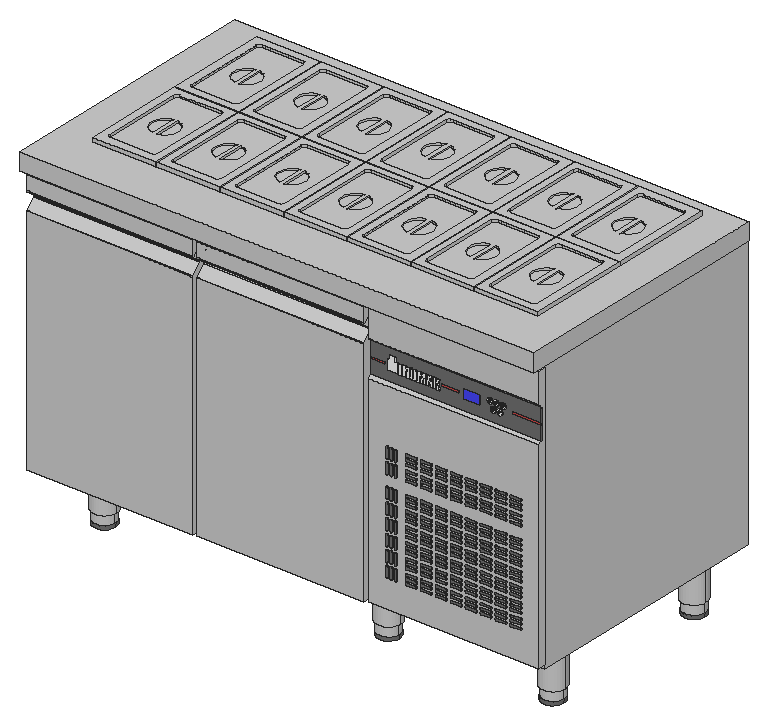
Revit family "QF_INOMAK_ZNFP99_250529112237", category Specialty Equipment, Revit 2021 (continued)
Definition of nested family "QF_INOMAK_REF_COUNTERS_1360_2920"
  Definition of nested family "QF_INOMAK_CONRTOL-PANEL"
    Forms (mm)
      Extrusion 1, solid
        sketch origin (-2240, -700, 0) x (-1, 0, 0) y (0, 0, 1)
          loop
            arc (-2191.4, 221.855) -> (-2194.4, 218.855) -> (-2191.4, 215.855) r 3
            line (-2191.4, 215.855) -> (-2167.4, 215.855)
            arc (-2167.4, 215.855) -> (-2164.4, 218.855) -> (-2167.4, 221.855) r 3
            line (-2167.4, 221.855) -> (-2191.4, 221.855)
          loop
            arc (-2152.4, 221.855) -> (-2155.4, 218.855) -> (-2152.4, 215.855) r 3
            line (-2152.4, 215.855) -> (-2128.4, 215.855)
            arc (-2128.4, 215.855) -> (-2125.4, 218.855) -> (-2128.4, 221.855) r 3
            line (-2128.4, 221.855) -> (-2152.4, 221.855)
          loop
            arc (-2113.4, 221.855) -> (-2116.4, 218.855) -> (-2113.4, 215.855) r 3
            line (-2113.4, 215.855) -> (-2089.4, 215.855)
            arc (-2089.4, 215.855) -> (-2086.4, 218.855) -> (-2089.4, 221.855) r 3
            line (-2089.4, 221.855) -> (-2113.4, 221.855)
          loop
            arc (-2074.4, 221.855) -> (-2077.4, 218.855) -> (-2074.4, 215.855) r 3
            line (-2074.4, 215.855) -> (-2050.4, 215.855)
            arc (-2050.4, 215.855) -> (-2047.4, 218.855) -> (-2050.4, 221.855) r 3
            line (-2050.4, 221.855) -> (-2074.4, 221.855)
          loop
            arc (-2035.4, 221.855) -> (-2038.4, 218.855) -> (-2035.4, 215.855) r 3
            line (-2035.4, 215.855) -> (-2011.4, 215.855)
            arc (-2011.4, 215.855) -> (-2008.4, 218.855) -> (-2011.4, 221.855) r 3
            line (-2011.4, 221.855) -> (-2035.4, 221.855)
          loop
            arc (-1996.4, 221.855) -> (-1999.4, 218.855) -> (-1996.4, 215.855) r 3
            line (-1996.4, 215.855) -> (-1972.4, 215.855)
            arc (-1972.4, 215.855) -> (-1969.4, 218.855) -> (-1972.4, 221.855) r 3
            line (-1972.4, 221.855) -> (-1996.4, 221.855)
          loop
            arc (-1957.4, 221.855) -> (-1960.4, 218.855) -> (-1957.4, 215.855) r 3
            line (-1957.4, 215.855) -> (-1933.4, 215.855)
            arc (-1933.4, 215.855) -> (-1930.4, 218.855) -> (-1933.4, 221.855) r 3
            line (-1933.4, 221.855) -> (-1957.4, 221.855)
          loop
            arc (-1918.4, 221.855) -> (-1921.4, 218.855) -> (-1918.4, 215.855) r 3
            line (-1918.4, 215.855) -> (-1894.4, 215.855)
            arc (-1894.4, 215.855) -> (-1891.4, 218.855) -> (-1894.4, 221.855) r 3
            line (-1894.4, 221.855) -> (-1918.4, 221.855)
          loop
            arc (-2191.4, 210.855) -> (-2194.4, 207.855) -> (-2191.4, 204.855) r 3
            line (-2191.4, 204.855) -> (-2167.4, 204.855)
            arc (-2167.4, 204.855) -> (-2164.4, 207.855) -> (-2167.4, 210.855) r 3
            line (-2167.4, 210.855) -> (-2191.4, 210.855)
          loop
            arc (-2152.4, 210.855) -> (-2155.4, 207.855) -> (-2152.4, 204.855) r 3
            line (-2152.4, 204.855) -> (-2128.4, 204.855)
            arc (-2128.4, 204.855) -> (-2125.4, 207.855) -> (-2128.4, 210.855) r 3
            line (-2128.4, 210.855) -> (-2152.4, 210.855)
          loop
            arc (-2113.4, 210.855) -> (-2116.4, 207.855) -> (-2113.4, 204.855) r 3
            line (-2113.4, 204.855) -> (-2089.4, 204.855)
            arc (-2089.4, 204.855) -> (-2086.4, 207.855) -> (-2089.4, 210.855) r 3
            line (-2089.4, 210.855) -> (-2113.4, 210.855)
          loop
            arc (-2074.4, 210.855) -> (-2077.4, 207.855) -> (-2074.4, 204.855) r 3
            line (-2074.4, 204.855) -> (-2050.4, 204.855)
            arc (-2050.4, 204.855) -> (-2047.4, 207.855) -> (-2050.4, 210.855) r 3
            line (-2050.4, 210.855) -> (-2074.4, 210.855)
          loop
            arc (-2035.4, 210.855) -> (-2038.4, 207.855) -> (-2035.4, 204.855) r 3
            line (-2035.4, 204.855) -> (-2011.4, 204.855)
            arc (-2011.4, 204.855) -> (-2008.4, 207.855) -> (-2011.4, 210.855) r 3
            line (-2011.4, 210.855) -> (-2035.4, 210.855)
          loop
            arc (-1996.4, 210.855) -> (-1999.4, 207.855) -> (-1996.4, 204.855) r 3
            line (-1996.4, 204.855) -> (-1972.4, 204.855)
            arc (-1972.4, 204.855) -> (-1969.4, 207.855) -> (-1972.4, 210.855) r 3
            line (-1972.4, 210.855) -> (-1996.4, 210.855)
          loop
            arc (-1957.4, 210.855) -> (-1960.4, 207.855) -> (-1957.4, 204.855) r 3
            line (-1957.4, 204.855) -> (-1933.4, 204.855)
            arc (-1933.4, 204.855) -> (-1930.4, 207.855) -> (-1933.4, 210.855) r 3
            line (-1933.4, 210.855) -> (-1957.4, 210.855)
          loop
            arc (-1918.4, 210.855) -> (-1921.4, 207.855) -> (-1918.4, 204.855) r 3
            line (-1918.4, 204.855) -> (-1894.4, 204.855)
            arc (-1894.4, 204.855) -> (-1891.4, 207.855) -> (-1894.4, 210.855) r 3
            line (-1894.4, 210.855) -> (-1918.4, 210.855)
          loop
            arc (-2191.4, 199.855) -> (-2194.4, 196.855) -> (-2191.4, 193.855) r 3
            line (-2191.4, 193.855) -> (-2167.4, 193.855)
            arc (-2167.4, 193.855) -> (-2164.4, 196.855) -> (-2167.4, 199.855) r 3
            line (-2167.4, 199.855) -> (-2191.4, 199.855)
          loop
            arc (-2152.4, 199.855) -> (-2155.4, 196.855) -> (-2152.4, 193.855) r 3
            line (-2152.4, 193.855) -> (-2128.4, 193.855)
            arc (-2128.4, 193.855) -> (-2125.4, 196.855) -> (-2128.4, 199.855) r 3
            line (-2128.4, 199.855) -> (-2152.4, 199.855)
          loop
            arc (-2113.4, 199.855) -> (-2116.4, 196.855) -> (-2113.4, 193.855) r 3
            line (-2113.4, 193.855) -> (-2089.4, 193.855)
            arc (-2089.4, 193.855) -> (-2086.4, 196.855) -> (-2089.4, 199.855) r 3
            line (-2089.4, 199.855) -> (-2113.4, 199.855)
          loop
            arc (-2074.4, 199.855) -> (-2077.4, 196.855) -> (-2074.4, 193.855) r 3
            line (-2074.4, 193.855) -> (-2050.4, 193.855)
            arc (-2050.4, 193.855) -> (-2047.4, 196.855) -> (-2050.4, 199.855) r 3
            line (-2050.4, 199.855) -> (-2074.4, 199.855)
          loop
            arc (-2035.4, 199.855) -> (-2038.4, 196.855) -> (-2035.4, 193.855) r 3
            line (-2035.4, 193.855) -> (-2011.4, 193.855)
            arc (-2011.4, 193.855) -> (-2008.4, 196.855) -> (-2011.4, 199.855) r 3
            line (-2011.4, 199.855) -> (-2035.4, 199.855)
          loop
            arc (-1996.4, 199.855) -> (-1999.4, 196.855) -> (-1996.4, 193.855) r 3
            line (-1996.4, 193.855) -> (-1972.4, 193.855)
            arc (-1972.4, 193.855) -> (-1969.4, 196.855) -> (-1972.4, 199.855) r 3
            line (-1972.4, 199.855) -> (-1996.4, 199.855)
          loop
            arc (-1957.4, 199.855) -> (-1960.4, 196.855) -> (-1957.4, 193.855) r 3
            line (-1957.4, 193.855) -> (-1933.4, 193.855)
            arc (-1933.4, 193.855) -> (-1930.4, 196.855) -> (-1933.4, 199.855) r 3
            line (-1933.4, 199.855) -> (-1957.4, 199.855)
          loop
            arc (-1918.4, 199.855) -> (-1921.4, 196.855) -> (-1918.4, 193.855) r 3
            line (-1918.4, 193.855) -> (-1894.4, 193.855)
            arc (-1894.4, 193.855) -> (-1891.4, 196.855) -> (-1894.4, 199.855) r 3
            line (-1894.4, 199.855) -> (-1918.4, 199.855)
          loop
            arc (-2191.4, 184.855) -> (-2194.4, 181.855) -> (-2191.4, 178.855) r 3
            line (-2191.4, 178.855) -> (-2167.4, 178.855)
            arc (-2167.4, 178.855) -> (-2164.4, 181.855) -> (-2167.4, 184.855) r 3
            line (-2167.4, 184.855) -> (-2191.4, 184.855)
          loop
            arc (-2152.4, 184.855) -> (-2155.4, 181.855) -> (-2152.4, 178.855) r 3
            line (-2152.4, 178.855) -> (-2128.4, 178.855)
            arc (-2128.4, 178.855) -> (-2125.4, 181.855) -> (-2128.4, 184.855) r 3
            line (-2128.4, 184.855) -> (-2152.4, 184.855)
          loop
            arc (-2113.4, 184.855) -> (-2116.4, 181.855) -> (-2113.4, 178.855) r 3
            line (-2113.4, 178.855) -> (-2089.4, 178.855)
            arc (-2089.4, 178.855) -> (-2086.4, 181.855) -> (-2089.4, 184.855) r 3
            line (-2089.4, 184.855) -> (-2113.4, 184.855)
          loop
            arc (-2074.4, 184.855) -> (-2077.4, 181.855) -> (-2074.4, 178.855) r 3
            line (-2074.4, 178.855) -> (-2050.4, 178.855)
            arc (-2050.4, 178.855) -> (-2047.4, 181.855) -> (-2050.4, 184.855) r 3
            line (-2050.4, 184.855) -> (-2074.4, 184.855)
          loop
            arc (-2035.4, 184.855) -> (-2038.4, 181.855) -> (-2035.4, 178.855) r 3
            line (-2035.4, 178.855) -> (-2011.4, 178.855)
            arc (-2011.4, 178.855) -> (-2008.4, 181.855) -> (-2011.4, 184.855) r 3
            line (-2011.4, 184.855) -> (-2035.4, 184.855)
          loop
            arc (-1996.4, 184.855) -> (-1999.4, 181.855) -> (-1996.4, 178.855) r 3
            line (-1996.4, 178.855) -> (-1972.4, 178.855)
            arc (-1972.4, 178.855) -> (-1969.4, 181.855) -> (-1972.4, 184.855) r 3
            line (-1972.4, 184.855) -> (-1996.4, 184.855)
          loop
            arc (-1957.4, 184.855) -> (-1960.4, 181.855) -> (-1957.4, 178.855) r 3
            line (-1957.4, 178.855) -> (-1933.4, 178.855)
            arc (-1933.4, 178.855) -> (-1930.4, 181.855) -> (-1933.4, 184.855) r 3
            line (-1933.4, 184.855) -> (-1957.4, 184.855)
          loop
            arc (-1918.4, 184.855) -> (-1921.4, 181.855) -> (-1918.4, 178.855) r 3
            line (-1918.4, 178.855) -> (-1894.4, 178.855)
            arc (-1894.4, 178.855) -> (-1891.4, 181.855) -> (-1894.4, 184.855) r 3
            line (-1894.4, 184.855) -> (-1918.4, 184.855)
          loop
            arc (-2191.4, 173.855) -> (-2194.4, 170.855) -> (-2191.4, 167.855) r 3
            line (-2191.4, 167.855) -> (-2167.4, 167.855)
            arc (-2167.4, 167.855) -> (-2164.4, 170.855) -> (-2167.4, 173.855) r 3
            line (-2167.4, 173.855) -> (-2191.4, 173.855)
          loop
            arc (-2152.4, 173.855) -> (-2155.4, 170.855) -> (-2152.4, 167.855) r 3
            line (-2152.4, 167.855) -> (-2128.4, 167.855)
            arc (-2128.4, 167.855) -> (-2125.4, 170.855) -> (-2128.4, 173.855) r 3
            line (-2128.4, 173.855) -> (-2152.4, 173.855)
          loop
            arc (-2113.4, 173.855) -> (-2116.4, 170.855) -> (-2113.4, 167.855) r 3
            line (-2113.4, 167.855) -> (-2089.4, 167.855)
            arc (-2089.4, 167.855) -> (-2086.4, 170.855) -> (-2089.4, 173.855) r 3
            line (-2089.4, 173.855) -> (-2113.4, 173.855)
          loop
            arc (-2074.4, 173.855) -> (-2077.4, 170.855) -> (-2074.4, 167.855) r 3
            line (-2074.4, 167.855) -> (-2050.4, 167.855)
            arc (-2050.4, 167.855) -> (-2047.4, 170.855) -> (-2050.4, 173.855) r 3
            line (-2050.4, 173.855) -> (-2074.4, 173.855)
          loop
            arc (-2035.4, 173.855) -> (-2038.4, 170.855) -> (-2035.4, 167.855) r 3
            line (-2035.4, 167.855) -> (-2011.4, 167.855)
            arc (-2011.4, 167.855) -> (-2008.4, 170.855) -> (-2011.4, 173.855) r 3
            line (-2011.4, 173.855) -> (-2035.4, 173.855)
          loop
            arc (-1996.4, 173.855) -> (-1999.4, 170.855) -> (-1996.4, 167.855) r 3
            line (-1996.4, 167.855) -> (-1972.4, 167.855)
            arc (-1972.4, 167.855) -> (-1969.4, 170.855) -> (-1972.4, 173.855) r 3
            line (-1972.4, 173.855) -> (-1996.4, 173.855)
          loop
            arc (-1957.4, 173.855) -> (-1960.4, 170.855) -> (-1957.4, 167.855) r 3
            line (-1957.4, 167.855) -> (-1933.4, 167.855)
            arc (-1933.4, 167.855) -> (-1930.4, 170.855) -> (-1933.4, 173.855) r 3
            line (-1933.4, 173.855) -> (-1957.4, 173.855)
          loop
            arc (-1918.4, 173.855) -> (-1921.4, 170.855) -> (-1918.4, 167.855) r 3
            line (-1918.4, 167.855) -> (-1894.4, 167.855)
            arc (-1894.4, 167.855) -> (-1891.4, 170.855) -> (-1894.4, 173.855) r 3
            line (-1894.4, 173.855) -> (-1918.4, 173.855)
          loop
            arc (-2191.4, 162.855) -> (-2194.4, 159.855) -> (-2191.4, 156.855) r 3
            line (-2191.4, 156.855) -> (-2167.4, 156.855)
            arc (-2167.4, 156.855) -> (-2164.4, 159.855) -> (-2167.4, 162.855) r 3
            line (-2167.4, 162.855) -> (-2191.4, 162.855)
          loop
            arc (-2152.4, 162.855) -> (-2155.4, 159.855) -> (-2152.4, 156.855) r 3
            line (-2152.4, 156.855) -> (-2128.4, 156.855)
            arc (-2128.4, 156.855) -> (-2125.4, 159.855) -> (-2128.4, 162.855) r 3
            line (-2128.4, 162.855) -> (-2152.4, 162.855)
          loop
            arc (-2113.4, 162.855) -> (-2116.4, 159.855) -> (-2113.4, 156.855) r 3
            line (-2113.4, 156.855) -> (-2089.4, 156.855)
            arc (-2089.4, 156.855) -> (-2086.4, 159.855) -> (-2089.4, 162.855) r 3
            line (-2089.4, 162.855) -> (-2113.4, 162.855)
          loop
            arc (-2074.4, 162.855) -> (-2077.4, 159.855) -> (-2074.4, 156.855) r 3
            line (-2074.4, 156.855) -> (-2050.4, 156.855)
            arc (-2050.4, 156.855) -> (-2047.4, 159.855) -> (-2050.4, 162.855) r 3
            line (-2050.4, 162.855) -> (-2074.4, 162.855)
          loop
            arc (-2035.4, 162.855) -> (-2038.4, 159.855) -> (-2035.4, 156.855) r 3
            line (-2035.4, 156.855) -> (-2011.4, 156.855)
            arc (-2011.4, 156.855) -> (-2008.4, 159.855) -> (-2011.4, 162.855) r 3
            line (-2011.4, 162.855) -> (-2035.4, 162.855)
          loop
            arc (-1996.4, 162.855) -> (-1999.4, 159.855) -> (-1996.4, 156.855) r 3
            line (-1996.4, 156.855) -> (-1972.4, 156.855)
            arc (-1972.4, 156.855) -> (-1969.4, 159.855) -> (-1972.4, 162.855) r 3
            line (-1972.4, 162.855) -> (-1996.4, 162.855)
          loop
            arc (-1957.4, 162.855) -> (-1960.4, 159.855) -> (-1957.4, 156.855) r 3
            line (-1957.4, 156.855) -> (-1933.4, 156.855)
            arc (-1933.4, 156.855) -> (-1930.4, 159.855) -> (-1933.4, 162.855) r 3
            line (-1933.4, 162.855) -> (-1957.4, 162.855)
          loop
            arc (-1918.4, 162.855) -> (-1921.4, 159.855) -> (-1918.4, 156.855) r 3
            line (-1918.4, 156.855) -> (-1894.4, 156.855)
            arc (-1894.4, 156.855) -> (-1891.4, 159.855) -> (-1894.4, 162.855) r 3
            line (-1894.4, 162.855) -> (-1918.4, 162.855)
          loop
            arc (-2191.4, 147.855) -> (-2194.4, 144.855) -> (-2191.4, 141.855) r 3
            line (-2191.4, 141.855) -> (-2167.4, 141.855)
            arc (-2167.4, 141.855) -> (-2164.4, 144.855) -> (-2167.4, 147.855) r 3
            line (-2167.4, 147.855) -> (-2191.4, 147.855)
          loop
            arc (-2152.4, 147.855) -> (-2155.4, 144.855) -> (-2152.4, 141.855) r 3
            line (-2152.4, 141.855) -> (-2128.4, 141.855)
            arc (-2128.4, 141.855) -> (-2125.4, 144.855) -> (-2128.4, 147.855) r 3
            line (-2128.4, 147.855) -> (-2152.4, 147.855)
          loop
            arc (-2113.4, 147.855) -> (-2116.4, 144.855) -> (-2113.4, 141.855) r 3
            line (-2113.4, 141.855) -> (-2089.4, 141.855)
            arc (-2089.4, 141.855) -> (-2086.4, 144.855) -> (-2089.4, 147.855) r 3
            line (-2089.4, 147.855) -> (-2113.4, 147.855)
          loop
            arc (-2074.4, 147.855) -> (-2077.4, 144.855) -> (-2074.4, 141.855) r 3
            line (-2074.4, 141.855) -> (-2050.4, 141.855)
            arc (-2050.4, 141.855) -> (-2047.4, 144.855) -> (-2050.4, 147.855) r 3
            line (-2050.4, 147.855) -> (-2074.4, 147.855)
          loop
            arc (-2035.4, 147.855) -> (-2038.4, 144.855) -> (-2035.4, 141.855) r 3
            line (-2035.4, 141.855) -> (-2011.4, 141.855)
            arc (-2011.4, 141.855) -> (-2008.4, 144.855) -> (-2011.4, 147.855) r 3
            line (-2011.4, 147.855) -> (-2035.4, 147.855)
          loop
            arc (-1996.4, 147.855) -> (-1999.4, 144.855) -> (-1996.4, 141.855) r 3
            line (-1996.4, 141.855) -> (-1972.4, 141.855)
            arc (-1972.4, 141.855) -> (-1969.4, 144.855) -> (-1972.4, 147.855) r 3
            line (-1972.4, 147.855) -> (-1996.4, 147.855)
          loop
            arc (-1957.4, 147.855) -> (-1960.4, 144.855) -> (-1957.4, 141.855) r 3
            line (-1957.4, 141.855) -> (-1933.4, 141.855)
            arc (-1933.4, 141.855) -> (-1930.4, 144.855) -> (-1933.4, 147.855) r 3
            line (-1933.4, 147.855) -> (-1957.4, 147.855)
          loop
            arc (-1918.4, 147.855) -> (-1921.4, 144.855) -> (-1918.4, 141.855) r 3
            line (-1918.4, 141.855) -> (-1894.4, 141.855)
            arc (-1894.4, 141.855) -> (-1891.4, 144.855) -> (-1894.4, 147.855) r 3
            line (-1894.4, 147.855) -> (-1918.4, 147.855)
          loop
            arc (-2191.4, 136.855) -> (-2194.4, 133.855) -> (-2191.4, 130.855) r 3
            line (-2191.4, 130.855) -> (-2167.4, 130.855)
            arc (-2167.4, 130.855) -> (-2164.4, 133.855) -> (-2167.4, 136.855) r 3
            line (-2167.4, 136.855) -> (-2191.4, 136.855)
          loop
            arc (-2152.4, 136.855) -> (-2155.4, 133.855) -> (-2152.4, 130.855) r 3
            line (-2152.4, 130.855) -> (-2128.4, 130.855)
            arc (-2128.4, 130.855) -> (-2125.4, 133.855) -> (-2128.4, 136.855) r 3
            line (-2128.4, 136.855) -> (-2152.4, 136.855)
          loop
            arc (-2113.4, 136.855) -> (-2116.4, 133.855) -> (-2113.4, 130.855) r 3
            line (-2113.4, 130.855) -> (-2089.4, 130.855)
            arc (-2089.4, 130.855) -> (-2086.4, 133.855) -> (-2089.4, 136.855) r 3
            line (-2089.4, 136.855) -> (-2113.4, 136.855)
          loop
            arc (-2074.4, 136.855) -> (-2077.4, 133.855) -> (-2074.4, 130.855) r 3
            line (-2074.4, 130.855) -> (-2050.4, 130.855)
            arc (-2050.4, 130.855) -> (-2047.4, 133.855) -> (-2050.4, 136.855) r 3
            line (-2050.4, 136.855) -> (-2074.4, 136.855)
          loop
            arc (-2035.4, 136.855) -> (-2038.4, 133.855) -> (-2035.4, 130.855) r 3
            line (-2035.4, 130.855) -> (-2011.4, 130.855)
            arc (-2011.4, 130.855) -> (-2008.4, 133.855) -> (-2011.4, 136.855) r 3
            line (-2011.4, 136.855) -> (-2035.4, 136.855)
          loop
            arc (-1996.4, 136.855) -> (-1999.4, 133.855) -> (-1996.4, 130.855) r 3
            line (-1996.4, 130.855) -> (-1972.4, 130.855)
            arc (-1972.4, 130.855) -> (-1969.4, 133.855) -> (-1972.4, 136.855) r 3
            line (-1972.4, 136.855) -> (-1996.4, 136.855)
          loop
            arc (-1957.4, 136.855) -> (-1960.4, 133.855) -> (-1957.4, 130.855) r 3
            line (-1957.4, 130.855) -> (-1933.4, 130.855)
            arc (-1933.4, 130.855) -> (-1930.4, 133.855) -> (-1933.4, 136.855) r 3
            line (-1933.4, 136.855) -> (-1957.4, 136.855)
          loop
            arc (-1918.4, 136.855) -> (-1921.4, 133.855) -> (-1918.4, 130.855) r 3
            line (-1918.4, 130.855) -> (-1894.4, 130.855)
            arc (-1894.4, 130.855) -> (-1891.4, 133.855) -> (-1894.4, 136.855) r 3
            line (-1894.4, 136.855) -> (-1918.4, 136.855)
          loop
            arc (-2191.4, 125.855) -> (-2194.4, 122.855) -> (-2191.4, 119.855) r 3
            line (-2191.4, 119.855) -> (-2167.4, 119.855)
            arc (-2167.4, 119.855) -> (-2164.4, 122.855) -> (-2167.4, 125.855) r 3
            line (-2167.4, 125.855) -> (-2191.4, 125.855)
          loop
            arc (-2152.4, 125.855) -> (-2155.4, 122.855) -> (-2152.4, 119.855) r 3
            line (-2152.4, 119.855) -> (-2128.4, 119.855)
            arc (-2128.4, 119.855) -> (-2125.4, 122.855) -> (-2128.4, 125.855) r 3
            line (-2128.4, 125.855) -> (-2152.4, 125.855)
          loop
            arc (-2113.4, 125.855) -> (-2116.4, 122.855) -> (-2113.4, 119.855) r 3
            line (-2113.4, 119.855) -> (-2089.4, 119.855)
            arc (-2089.4, 119.855) -> (-2086.4, 122.855) -> (-2089.4, 125.855) r 3
            line (-2089.4, 125.855) -> (-2113.4, 125.855)
          loop
            arc (-2074.4, 125.855) -> (-2077.4, 122.855) -> (-2074.4, 119.855) r 3
            line (-2074.4, 119.855) -> (-2050.4, 119.855)
            arc (-2050.4, 119.855) -> (-2047.4, 122.855) -> (-2050.4, 125.855) r 3
            line (-2050.4, 125.855) -> (-2074.4, 125.855)
          loop
            arc (-2035.4, 125.855) -> (-2038.4, 122.855) -> (-2035.4, 119.855) r 3
            line (-2035.4, 119.855) -> (-2011.4, 119.855)
            arc (-2011.4, 119.855) -> (-2008.4, 122.855) -> (-2011.4, 125.855) r 3
            line (-2011.4, 125.855) -> (-2035.4, 125.855)
          loop
            arc (-1996.4, 125.855) -> (-1999.4, 122.855) -> (-1996.4, 119.855) r 3
            line (-1996.4, 119.855) -> (-1972.4, 119.855)
            arc (-1972.4, 119.855) -> (-1969.4, 122.855) -> (-1972.4, 125.855) r 3
            line (-1972.4, 125.855) -> (-1996.4, 125.855)
          loop
            arc (-1957.4, 125.855) -> (-1960.4, 122.855) -> (-1957.4, 119.855) r 3
            line (-1957.4, 119.855) -> (-1933.4, 119.855)
            arc (-1933.4, 119.855) -> (-1930.4, 122.855) -> (-1933.4, 125.855) r 3
            line (-1933.4, 125.855) -> (-1957.4, 125.855)
          loop
            arc (-1918.4, 125.855) -> (-1921.4, 122.855) -> (-1918.4, 119.855) r 3
            line (-1918.4, 119.855) -> (-1894.4, 119.855)
            arc (-1894.4, 119.855) -> (-1891.4, 122.855) -> (-1894.4, 125.855) r 3
            line (-1894.4, 125.855) -> (-1918.4, 125.855)
          loop
            arc (-2191.4, 110.855) -> (-2194.4, 107.855) -> (-2191.4, 104.855) r 3
            line (-2191.4, 104.855) -> (-2167.4, 104.855)
            arc (-2167.4, 104.855) -> (-2164.4, 107.855) -> (-2167.4, 110.855) r 3
            line (-2167.4, 110.855) -> (-2191.4, 110.855)
          loop
            arc (-2152.4, 110.855) -> (-2155.4, 107.855) -> (-2152.4, 104.855) r 3
            line (-2152.4, 104.855) -> (-2128.4, 104.855)
            arc (-2128.4, 104.855) -> (-2125.4, 107.855) -> (-2128.4, 110.855) r 3
            line (-2128.4, 110.855) -> (-2152.4, 110.855)
          loop
            arc (-2113.4, 110.855) -> (-2116.4, 107.855) -> (-2113.4, 104.855) r 3
            line (-2113.4, 104.855) -> (-2089.4, 104.855)
            arc (-2089.4, 104.855) -> (-2086.4, 107.855) -> (-2089.4, 110.855) r 3
            line (-2089.4, 110.855) -> (-2113.4, 110.855)
          loop
            arc (-2074.4, 110.855) -> (-2077.4, 107.855) -> (-2074.4, 104.855) r 3
            line (-2074.4, 104.855) -> (-2050.4, 104.855)
            arc (-2050.4, 104.855) -> (-2047.4, 107.855) -> (-2050.4, 110.855) r 3
            line (-2050.4, 110.855) -> (-2074.4, 110.855)
          loop
            arc (-2035.4, 110.855) -> (-2038.4, 107.855) -> (-2035.4, 104.855) r 3
            line (-2035.4, 104.855) -> (-2011.4, 104.855)
            arc (-2011.4, 104.855) -> (-2008.4, 107.855) -> (-2011.4, 110.855) r 3
            line (-2011.4, 110.855) -> (-2035.4, 110.855)
          loop
            arc (-1996.4, 110.855) -> (-1999.4, 107.855) -> (-1996.4, 104.855) r 3
            line (-1996.4, 104.855) -> (-1972.4, 104.855)
            arc (-1972.4, 104.855) -> (-1969.4, 107.855) -> (-1972.4, 110.855) r 3
            line (-1972.4, 110.855) -> (-1996.4, 110.855)
          loop
            arc (-1957.4, 110.855) -> (-1960.4, 107.855) -> (-1957.4, 104.855) r 3
            line (-1957.4, 104.855) -> (-1933.4, 104.855)
            arc (-1933.4, 104.855) -> (-1930.4, 107.855) -> (-1933.4, 110.855) r 3
            line (-1933.4, 110.855) -> (-1957.4, 110.855)
          loop
            arc (-1918.4, 110.855) -> (-1921.4, 107.855) -> (-1918.4, 104.855) r 3
            line (-1918.4, 104.855) -> (-1894.4, 104.855)
            arc (-1894.4, 104.855) -> (-1891.4, 107.855) -> (-1894.4, 110.855) r 3
            line (-1894.4, 110.855) -> (-1918.4, 110.855)
          loop
            arc (-2191.4, 99.855) -> (-2194.4, 96.855) -> (-2191.4, 93.855) r 3
            line (-2191.4, 93.855) -> (-2167.4, 93.855)
            arc (-2167.4, 93.855) -> (-2164.4, 96.855) -> (-2167.4, 99.855) r 3
            line (-2167.4, 99.855) -> (-2191.4, 99.855)
          loop
            arc (-2152.4, 99.855) -> (-2155.4, 96.855) -> (-2152.4, 93.855) r 3
            line (-2152.4, 93.855) -> (-2128.4, 93.855)
            arc (-2128.4, 93.855) -> (-2125.4, 96.855) -> (-2128.4, 99.855) r 3
            line (-2128.4, 99.855) -> (-2152.4, 99.855)
          loop
            arc (-2113.4, 99.855) -> (-2116.4, 96.855) -> (-2113.4, 93.855) r 3
            line (-2113.4, 93.855) -> (-2089.4, 93.855)
            arc (-2089.4, 93.855) -> (-2086.4, 96.855) -> (-2089.4, 99.855) r 3
            line (-2089.4, 99.855) -> (-2113.4, 99.855)
          loop
            arc (-2074.4, 99.855) -> (-2077.4, 96.855) -> (-2074.4, 93.855) r 3
            line (-2074.4, 93.855) -> (-2050.4, 93.855)
            arc (-2050.4, 93.855) -> (-2047.4, 96.855) -> (-2050.4, 99.855) r 3
            line (-2050.4, 99.855) -> (-2074.4, 99.855)
          loop
            arc (-2035.4, 99.855) -> (-2038.4, 96.855) -> (-2035.4, 93.855) r 3
            line (-2035.4, 93.855) -> (-2011.4, 93.855)
            arc (-2011.4, 93.855) -> (-2008.4, 96.855) -> (-2011.4, 99.855) r 3
            line (-2011.4, 99.855) -> (-2035.4, 99.855)
          loop
            arc (-1996.4, 99.855) -> (-1999.4, 96.855) -> (-1996.4, 93.855) r 3
            line (-1996.4, 93.855) -> (-1972.4, 93.855)
            arc (-1972.4, 93.855) -> (-1969.4, 96.855) -> (-1972.4, 99.855) r 3
            line (-1972.4, 99.855) -> (-1996.4, 99.855)
          loop
            arc (-1957.4, 99.855) -> (-1960.4, 96.855) -> (-1957.4, 93.855) r 3
            line (-1957.4, 93.855) -> (-1933.4, 93.855)
            arc (-1933.4, 93.855) -> (-1930.4, 96.855) -> (-1933.4, 99.855) r 3
            line (-1933.4, 99.855) -> (-1957.4, 99.855)
          loop
            arc (-1918.4, 99.855) -> (-1921.4, 96.855) -> (-1918.4, 93.855) r 3
            line (-1918.4, 93.855) -> (-1894.4, 93.855)
            arc (-1894.4, 93.855) -> (-1891.4, 96.855) -> (-1894.4, 99.855) r 3
            line (-1894.4, 99.855) -> (-1918.4, 99.855)
          loop
            arc (-2191.4, 88.855) -> (-2194.4, 85.855) -> (-2191.4, 82.855) r 3
            line (-2191.4, 82.855) -> (-2167.4, 82.855)
            arc (-2167.4, 82.855) -> (-2164.4, 85.855) -> (-2167.4, 88.855) r 3
            line (-2167.4, 88.855) -> (-2191.4, 88.855)
          loop
            arc (-2152.4, 88.855) -> (-2155.4, 85.855) -> (-2152.4, 82.855) r 3
            line (-2152.4, 82.855) -> (-2128.4, 82.855)
            arc (-2128.4, 82.855) -> (-2125.4, 85.855) -> (-2128.4, 88.855) r 3
            line (-2128.4, 88.855) -> (-2152.4, 88.855)
          loop
            arc (-2113.4, 88.855) -> (-2116.4, 85.855) -> (-2113.4, 82.855) r 3
            line (-2113.4, 82.855) -> (-2089.4, 82.855)
            arc (-2089.4, 82.855) -> (-2086.4, 85.855) -> (-2089.4, 88.855) r 3
            line (-2089.4, 88.855) -> (-2113.4, 88.855)
          loop
            arc (-2074.4, 88.855) -> (-2077.4, 85.855) -> (-2074.4, 82.855) r 3
            line (-2074.4, 82.855) -> (-2050.4, 82.855)
            arc (-2050.4, 82.855) -> (-2047.4, 85.855) -> (-2050.4, 88.855) r 3
            line (-2050.4, 88.855) -> (-2074.4, 88.855)
          loop
            arc (-2035.4, 88.855) -> (-2038.4, 85.855) -> (-2035.4, 82.855) r 3
            line (-2035.4, 82.855) -> (-2011.4, 82.855)
            arc (-2011.4, 82.855) -> (-2008.4, 85.855) -> (-2011.4, 88.855) r 3
            line (-2011.4, 88.855) -> (-2035.4, 88.855)
          loop
            arc (-1996.4, 88.855) -> (-1999.4, 85.855) -> (-1996.4, 82.855) r 3
            line (-1996.4, 82.855) -> (-1972.4, 82.855)
            arc (-1972.4, 82.855) -> (-1969.4, 85.855) -> (-1972.4, 88.855) r 3
            line (-1972.4, 88.855) -> (-1996.4, 88.855)
          loop
            arc (-1957.4, 88.855) -> (-1960.4, 85.855) -> (-1957.4, 82.855) r 3
            line (-1957.4, 82.855) -> (-1933.4, 82.855)
            arc (-1933.4, 82.855) -> (-1930.4, 85.855) -> (-1933.4, 88.855) r 3
            line (-1933.4, 88.855) -> (-1957.4, 88.855)
          loop
            arc (-1918.4, 88.855) -> (-1921.4, 85.855) -> (-1918.4, 82.855) r 3
            line (-1918.4, 82.855) -> (-1894.4, 82.855)
            arc (-1894.4, 82.855) -> (-1891.4, 85.855) -> (-1894.4, 88.855) r 3
            line (-1894.4, 88.855) -> (-1918.4, 88.855)
          loop
            arc (-1840.4, 387.855) -> (-1843.4, 390.855) -> (-1846.4, 387.855) r 3
            line (-1846.4, 387.855) -> (-1846.4, 363.855)
            arc (-1846.4, 363.855) -> (-1843.4, 360.855) -> (-1840.4, 363.855) r 3
            line (-1840.4, 363.855) -> (-1840.4, 387.855)
          loop
            arc (-1851.4, 387.855) -> (-1854.4, 390.855) -> (-1857.4, 387.855) r 3
            line (-1857.4, 387.855) -> (-1857.4, 363.855)
            arc (-1857.4, 363.855) -> (-1854.4, 360.855) -> (-1851.4, 363.855) r 3
            line (-1851.4, 363.855) -> (-1851.4, 387.855)
          loop
            arc (-1862.4, 387.855) -> (-1865.4, 390.855) -> (-1868.4, 387.855) r 3
            line (-1868.4, 387.855) -> (-1868.4, 363.855)
            arc (-1868.4, 363.855) -> (-1865.4, 360.855) -> (-1862.4, 363.855) r 3
            line (-1862.4, 363.855) -> (-1862.4, 387.855)
          loop
            arc (-1840.4, 350.855) -> (-1843.4, 353.855) -> (-1846.4, 350.855) r 3
            line (-1846.4, 350.855) -> (-1846.4, 326.855)
            arc (-1846.4, 326.855) -> (-1843.4, 323.855) -> (-1840.4, 326.855) r 3
            line (-1840.4, 326.855) -> (-1840.4, 350.855)
          loop
            arc (-1851.4, 350.855) -> (-1854.4, 353.855) -> (-1857.4, 350.855) r 3
            line (-1857.4, 350.855) -> (-1857.4, 326.855)
            arc (-1857.4, 326.855) -> (-1854.4, 323.855) -> (-1851.4, 326.855) r 3
            line (-1851.4, 326.855) -> (-1851.4, 350.855)
          loop
            arc (-1862.4, 350.855) -> (-1865.4, 353.855) -> (-1868.4, 350.855) r 3
            line (-1868.4, 350.855) -> (-1868.4, 326.855)
            arc (-1868.4, 326.855) -> (-1865.4, 323.855) -> (-1862.4, 326.855) r 3
            line (-1862.4, 326.855) -> (-1862.4, 350.855)
          loop
            arc (-1840.4, 293.855) -> (-1843.4, 296.855) -> (-1846.4, 293.855) r 3
            line (-1846.4, 293.855) -> (-1846.4, 269.855)
            arc (-1846.4, 269.855) -> (-1843.4, 266.855) -> (-1840.4, 269.855) r 3
            line (-1840.4, 269.855) -> (-1840.4, 293.855)
          loop
            arc (-1851.4, 293.855) -> (-1854.4, 296.855) -> (-1857.4, 293.855) r 3
            line (-1857.4, 293.855) -> (-1857.4, 269.855)
            arc (-1857.4, 269.855) -> (-1854.4, 266.855) -> (-1851.4, 269.855) r 3
            line (-1851.4, 269.855) -> (-1851.4, 293.855)
          loop
            arc (-1862.4, 293.855) -> (-1865.4, 296.855) -> (-1868.4, 293.855) r 3
            line (-1868.4, 293.855) -> (-1868.4, 269.855)
            arc (-1868.4, 269.855) -> (-1865.4, 266.855) -> (-1862.4, 269.855) r 3
            line (-1862.4, 269.855) -> (-1862.4, 293.855)
          loop
            arc (-1840.4, 256.855) -> (-1843.4, 259.855) -> (-1846.4, 256.855) r 3
            line (-1846.4, 256.855) -> (-1846.4, 232.855)
            arc (-1846.4, 232.855) -> (-1843.4, 229.855) -> (-1840.4, 232.855) r 3
            line (-1840.4, 232.855) -> (-1840.4, 256.855)
          loop
            arc (-1851.4, 256.855) -> (-1854.4, 259.855) -> (-1857.4, 256.855) r 3
            line (-1857.4, 256.855) -> (-1857.4, 232.855)
            arc (-1857.4, 232.855) -> (-1854.4, 229.855) -> (-1851.4, 232.855) r 3
            line (-1851.4, 232.855) -> (-1851.4, 256.855)
          loop
            arc (-1862.4, 256.855) -> (-1865.4, 259.855) -> (-1868.4, 256.855) r 3
            line (-1868.4, 256.855) -> (-1868.4, 232.855)
            arc (-1868.4, 232.855) -> (-1865.4, 229.855) -> (-1862.4, 232.855) r 3
            line (-1862.4, 232.855) -> (-1862.4, 256.855)
          loop
            arc (-1840.4, 219.855) -> (-1843.4, 222.855) -> (-1846.4, 219.855) r 3
            line (-1846.4, 219.855) -> (-1846.4, 195.855)
            arc (-1846.4, 195.855) -> (-1843.4, 192.855) -> (-1840.4, 195.855) r 3
            line (-1840.4, 195.855) -> (-1840.4, 219.855)
          loop
            arc (-1851.4, 219.855) -> (-1854.4, 222.855) -> (-1857.4, 219.855) r 3
            line (-1857.4, 219.855) -> (-1857.4, 195.855)
            arc (-1857.4, 195.855) -> (-1854.4, 192.855) -> (-1851.4, 195.855) r 3
            line (-1851.4, 195.855) -> (-1851.4, 219.855)
          loop
            arc (-1862.4, 219.855) -> (-1865.4, 222.855) -> (-1868.4, 219.855) r 3
            line (-1868.4, 219.855) -> (-1868.4, 195.855)
            arc (-1868.4, 195.855) -> (-1865.4, 192.855) -> (-1862.4, 195.855) r 3
            line (-1862.4, 195.855) -> (-1862.4, 219.855)
          loop
            arc (-1840.4, 182.855) -> (-1843.4, 185.855) -> (-1846.4, 182.855) r 3
            line (-1846.4, 182.855) -> (-1846.4, 158.855)
            arc (-1846.4, 158.855) -> (-1843.4, 155.855) -> (-1840.4, 158.855) r 3
            line (-1840.4, 158.855) -> (-1840.4, 182.855)
          loop
            arc (-1851.4, 182.855) -> (-1854.4, 185.855) -> (-1857.4, 182.855) r 3
            line (-1857.4, 182.855) -> (-1857.4, 158.855)
            arc (-1857.4, 158.855) -> (-1854.4, 155.855) -> (-1851.4, 158.855) r 3
            line (-1851.4, 158.855) -> (-1851.4, 182.855)
          loop
            arc (-1862.4, 182.855) -> (-1865.4, 185.855) -> (-1868.4, 182.855) r 3
            line (-1868.4, 182.855) -> (-1868.4, 158.855)
            arc (-1868.4, 158.855) -> (-1865.4, 155.855) -> (-1862.4, 158.855) r 3
            line (-1862.4, 158.855) -> (-1862.4, 182.855)
          loop
            arc (-1840.4, 145.855) -> (-1843.4, 148.855) -> (-1846.4, 145.855) r 3
            line (-1846.4, 145.855) -> (-1846.4, 121.855)
            arc (-1846.4, 121.855) -> (-1843.4, 118.855) -> (-1840.4, 121.855) r 3
            line (-1840.4, 121.855) -> (-1840.4, 145.855)
          loop
            arc (-1851.4, 145.855) -> (-1854.4, 148.855) -> (-1857.4, 145.855) r 3
            line (-1857.4, 145.855) -> (-1857.4, 121.855)
            arc (-1857.4, 121.855) -> (-1854.4, 118.855) -> (-1851.4, 121.855) r 3
            line (-1851.4, 121.855) -> (-1851.4, 145.855)
          loop
            arc (-1862.4, 145.855) -> (-1865.4, 148.855) -> (-1868.4, 145.855) r 3
            line (-1868.4, 145.855) -> (-1868.4, 121.855)
            arc (-1868.4, 121.855) -> (-1865.4, 118.855) -> (-1862.4, 121.855) r 3
            line (-1862.4, 121.855) -> (-1862.4, 145.855)
          loop
            arc (-1840.4, 108.855) -> (-1843.4, 111.855) -> (-1846.4, 108.855) r 3
            line (-1846.4, 108.855) -> (-1846.4, 84.855)
            arc (-1846.4, 84.855) -> (-1843.4, 81.855) -> (-1840.4, 84.855) r 3
            line (-1840.4, 84.855) -> (-1840.4, 108.855)
          loop
            arc (-1851.4, 108.855) -> (-1854.4, 111.855) -> (-1857.4, 108.855) r 3
            line (-1857.4, 108.855) -> (-1857.4, 84.855)
            arc (-1857.4, 84.855) -> (-1854.4, 81.855) -> (-1851.4, 84.855) r 3
            line (-1851.4, 84.855) -> (-1851.4, 108.855)
          loop
            arc (-1862.4, 108.855) -> (-1865.4, 111.855) -> (-1868.4, 108.855) r 3
            line (-1868.4, 108.855) -> (-1868.4, 84.855)
            arc (-1868.4, 84.855) -> (-1865.4, 81.855) -> (-1862.4, 84.855) r 3
            line (-1862.4, 84.855) -> (-1862.4, 108.855)
        from 16.5 to 19
    Dimensions and locks
      "Length": plane 3 "Left" to plane 4 "Right"
      "Depth": plane 5 "Front" to plane 1 "Back"
      "Front offset": plane 7 "Front offset" to plane 5 "Front"
      "Height": plane 6 "Top" to plane 2
      aligned and locked: level to plane 2
    Automatic sketch dimensions
      plane 4 "Right" to Extrusion 1 sketch curve = 48.6 mm  (x3)
      Extrusion 1 sketch curve to Extrusion 1 sketch curve = 0 mm  (x322)
      Extrusion 1 sketch curve to Extrusion 1 sketch curve = 24 mm  (x53)
      Extrusion 1 sketch curve to Extrusion 1 sketch curve = 15 mm  (x52)
      Extrusion 1 sketch curve to Extrusion 1 sketch curve = 26 mm  (x7)
      Extrusion 1 sketch curve to Extrusion 1 sketch curve = 3 mm  (x216)
      Extrusion 1 sketch curve to Extrusion 1 sketch curve = 5 mm  (x144)
      level to Extrusion 1 sketch curve = 82.855 mm  (x2)
      Extrusion 1 sketch curve to Extrusion 1 sketch curve = 2 mm
      Extrusion 1 sketch curve to Extrusion 1 sketch curve = 9 mm  (x48)
      Extrusion 1 sketch curve to Extrusion 1 sketch curve = 13 mm  (x9)
      Extrusion 1 sketch curve to Extrusion 1 sketch curve = 29 mm  (x6)
      Extrusion 1 sketch curve to Extrusion 1 sketch curve = 33 mm
Definition of nested family "QF_INOMAK_REF_WORKTOPS_WOVF_1360_7072"
  Parameters (values of type "WOVF-1360-700-80")
    Worktop thickness [instance] = 46 mm
    Weight [instance] = 0.00 kg
    Warranty Start Date [instance] = ""
    Warranty Duration [instance] = ""
    URL Cutsheet [instance] = ""
    URL = "www.inomak.com"
    Technical Documentation [instance] = ""
    Tag Number [instance] = ""
    Status [instance] = ""
    Specification by User [instance] = ""
    Specification by Manufacturer [instance] = ""
    Sound Level [instance] = ""
    Solid Fuel Type [instance] = ""
    Show Logo [instance] = yes
    Show Clearances [instance] = yes
    Service Life Duration [instance] = ""
    Serial Number [instance] = ""
    Seismic Rating [instance] = ""
    SMACNA No [instance] = ""
    Revision Code [instance] = ""
    Revision [instance] = ""
    Production Year [instance] = ""
    Point Load [instance] = 0
    Other Equipment Approvals [instance] = ""
    NAFEM Spec ID Number [instance] = ""
    Model Warning [instance] = ""
    Model = "WOVF-80"
    Masterspec [instance] = ""
    Manufacturer = "INOMAK"
    Length Actual [instance] = 1342 mm
    Item Number [instance] = ""
    Installed By [instance] = ""
    Installation Date [instance] = ""
    Identify Quantity as Lot [instance] = yes
    ID [instance] = ""
    Hygiene Approval [instance] = ""
    Height Actual [instance] = 0 mm
    Height AFF [instance] = 0 mm
    Furnished By [instance] = ""
    Foodservice Equipment Identifier [instance] = yes
    Finish [instance] = none
    ETL Approved [instance] = yes
    Description = "WORKTOP WITHOUT VITRINE, 80CM DEEP WORKTOP"
    Depth Actual [instance] = 800 mm
    Default Elevation = 0 mm
    CSI MasterFormat [instance] = ""
    CE Approved [instance] = yes
    Barcode [instance] = ""
    Author [instance] = ""
    Asset Identifier [instance] = ""
    Assembly Code = "E1090320"
    Accessory [instance] = yes
  Types (2, lengths in mm): name | Model | Description | Depth Actual
    WOVF-1360-700 | "WOVF" | "WORKTOP WITHOUT VITRINE" | 700
    WOVF-1360-700-80 | "WOVF-80" | "WORKTOP WITHOUT VITRINE, 80CM DEEP WORKTOP" | 800
  Reference planes
    plane 1 "Back": y = 0
    plane 2: z = 0
    plane 3 "Left": x = 0
    plane 4 "Right": x = 1342
    plane 5 "Front": y = -800
    plane 6 "Top": z = 46
    plane 7 "Worktop bottom": z = 0
    plane 8: y = -576
  Forms (mm)
    Extrusion 1, solid, material <- "Finish"
      sketch origin (0, 0, 0) x (0, 1, 0) y (0, 0, 1)
        loop
          line (0, 46) -> (-800, 46) -> (-800, 0) -> (0, 0) -> (0, 46)
      from 0 to 1342
    Extrusion 2, solid
      sketch origin (-9, 1874.578, 46) x (0, 1, 0) y (-1, 0, 0)
        loop
          arc (-2152.578, -119) -> (-2159.649, -121.929) -> (-2162.578, -129) r 10
          line (-2162.578, -129) -> (-2162.578, -235)
          arc (-2162.578, -235) -> (-2159.649, -242.071) -> (-2152.578, -245) r 10
          line (-2152.578, -245) -> (-1944.578, -245)
          arc (-1944.578, -245) -> (-1937.507, -242.071) -> (-1934.578, -235) r 10
          line (-1934.578, -235) -> (-1934.578, -129)
          arc (-1934.578, -129) -> (-1937.507, -121.929) -> (-1944.578, -119) r 10
          line (-1944.578, -119) -> (-2152.578, -119)
        loop
          arc (-2014.937, -177) -> (-2049.578, -147) -> (-2084.219, -177) r 35
          line (-2084.219, -177) -> (-2014.937, -177)
        loop
          line (-2014.937, -187) -> (-2084.219, -187)
          arc (-2084.219, -187) -> (-2049.578, -217) -> (-2014.937, -187) r 35
      from 2 to 5
    Extrusion 3, solid
      sketch origin (-9, 1874.578, 46) x (0, 1, 0) y (-1, 0, 0)
        loop
          line (-1914.578, -99) -> (-2182.578, -99) -> (-2182.578, -265) -> (-1914.578, -265) -> (-1914.578, -99)
        loop
          arc (-1934.578, -129) -> (-1937.507, -121.929) -> (-1944.578, -119) r 10
          line (-1944.578, -119) -> (-2152.578, -119)
          arc (-2152.578, -119) -> (-2159.649, -121.929) -> (-2162.578, -129) r 10
          line (-2162.578, -129) -> (-2162.578, -235)
          arc (-2162.578, -235) -> (-2159.649, -242.071) -> (-2152.578, -245) r 10
          line (-2152.578, -245) -> (-1944.578, -245)
          arc (-1944.578, -245) -> (-1937.507, -242.071) -> (-1934.578, -235) r 10
          line (-1934.578, -235) -> (-1934.578, -129)
      from 0 to 10
    Extrusion 4, solid
      sketch origin (-9, 1874.578, 46) x (0, 1, 0) y (-1, 0, 0)
        loop
          arc (-2152.578, -285) -> (-2159.649, -287.929) -> (-2162.578, -295) r 10
          line (-2162.578, -295) -> (-2162.578, -401)
          arc (-2162.578, -401) -> (-2159.649, -408.071) -> (-2152.578, -411) r 10
          line (-2152.578, -411) -> (-1944.578, -411)
          arc (-1944.578, -411) -> (-1937.507, -408.071) -> (-1934.578, -401) r 10
          line (-1934.578, -401) -> (-1934.578, -295)
          arc (-1934.578, -295) -> (-1937.507, -287.929) -> (-1944.578, -285) r 10
          line (-1944.578, -285) -> (-2152.578, -285)
        loop
          arc (-2014.937, -343) -> (-2049.578, -313) -> (-2084.219, -343) r 35
          line (-2084.219, -343) -> (-2014.937, -343)
        loop
          line (-2014.937, -353) -> (-2084.219, -353)
          arc (-2084.219, -353) -> (-2049.578, -383) -> (-2014.937, -353) r 35
      from 2 to 5
    Extrusion 5, solid
      sketch origin (-9, 1874.578, 46) x (0, 1, 0) y (-1, 0, 0)
        loop
          line (-1914.578, -265) -> (-2182.578, -265) -> (-2182.578, -431) -> (-1914.578, -431) -> (-1914.578, -265)
        loop
          arc (-1934.578, -295) -> (-1937.507, -287.929) -> (-1944.578, -285) r 10
          line (-1944.578, -285) -> (-2152.578, -285)
          arc (-2152.578, -285) -> (-2159.649, -287.929) -> (-2162.578, -295) r 10
          line (-2162.578, -295) -> (-2162.578, -401)
          arc (-2162.578, -401) -> (-2159.649, -408.071) -> (-2152.578, -411) r 10
          line (-2152.578, -411) -> (-1944.578, -411)
          arc (-1944.578, -411) -> (-1937.507, -408.071) -> (-1934.578, -401) r 10
          line (-1934.578, -401) -> (-1934.578, -295)
      from 0 to 10
    Extrusion 6, solid
      sketch origin (0, 1874.578, 46) x (0, 1, 0) y (-1, 0, 0)
        loop
          arc (-2152.578, -774) -> (-2159.649, -776.929) -> (-2162.578, -784) r 10
          line (-2162.578, -784) -> (-2162.578, -890)
          arc (-2162.578, -890) -> (-2159.649, -897.071) -> (-2152.578, -900) r 10
          line (-2152.578, -900) -> (-1944.578, -900)
          arc (-1944.578, -900) -> (-1937.507, -897.071) -> (-1934.578, -890) r 10
          line (-1934.578, -890) -> (-1934.578, -784)
          arc (-1934.578, -784) -> (-1937.507, -776.929) -> (-1944.578, -774) r 10
          line (-1944.578, -774) -> (-2152.578, -774)
        loop
          arc (-2014.937, -832) -> (-2049.578, -802) -> (-2084.219, -832) r 35
          line (-2084.219, -832) -> (-2014.937, -832)
        loop
          line (-2014.937, -842) -> (-2084.219, -842)
          arc (-2084.219, -842) -> (-2049.578, -872) -> (-2014.937, -842) r 35
      from 2 to 5
    Extrusion 7, solid
      sketch origin (0, 1874.578, 46) x (0, 1, 0) y (-1, 0, 0)
        loop
          line (-1914.578, -754) -> (-2182.578, -754) -> (-2182.578, -920) -> (-1914.578, -920) -> (-1914.578, -754)
        loop
          arc (-1934.578, -784) -> (-1937.507, -776.929) -> (-1944.578, -774) r 10
          line (-1944.578, -774) -> (-2152.578, -774)
          arc (-2152.578, -774) -> (-2159.649, -776.929) -> (-2162.578, -784) r 10
          line (-2162.578, -784) -> (-2162.578, -890)
          arc (-2162.578, -890) -> (-2159.649, -897.071) -> (-2152.578, -900) r 10
          line (-2152.578, -900) -> (-1944.578, -900)
          arc (-1944.578, -900) -> (-1937.507, -897.071) -> (-1934.578, -890) r 10
          line (-1934.578, -890) -> (-1934.578, -784)
      from 0 to 10
    Extrusion 8, solid
      sketch origin (0, 1874.578, 46) x (0, 1, 0) y (-1, 0, 0)
        loop
          arc (-2152.578, -940) -> (-2159.649, -942.929) -> (-2162.578, -950) r 10
          line (-2162.578, -950) -> (-2162.578, -1056)
          arc (-2162.578, -1056) -> (-2159.649, -1063.071) -> (-2152.578, -1066) r 10
          line (-2152.578, -1066) -> (-1944.578, -1066)
          arc (-1944.578, -1066) -> (-1937.507, -1063.071) -> (-1934.578, -1056) r 10
          line (-1934.578, -1056) -> (-1934.578, -950)
          arc (-1934.578, -950) -> (-1937.507, -942.929) -> (-1944.578, -940) r 10
          line (-1944.578, -940) -> (-2152.578, -940)
        loop
          arc (-2014.937, -998) -> (-2049.578, -968) -> (-2084.219, -998) r 35
          line (-2084.219, -998) -> (-2014.937, -998)
        loop
          line (-2014.937, -1008) -> (-2084.219, -1008)
          arc (-2084.219, -1008) -> (-2049.578, -1038) -> (-2014.937, -1008) r 35
      from 2 to 5
    Extrusion 9, solid
      sketch origin (0, 1874.578, 46) x (0, 1, 0) y (-1, 0, 0)
        loop
          line (-1914.578, -920) -> (-2182.578, -920) -> (-2182.578, -1086) -> (-1914.578, -1086) -> (-1914.578, -920)
        loop
          arc (-1934.578, -950) -> (-1937.507, -942.929) -> (-1944.578, -940) r 10
          line (-1944.578, -940) -> (-2152.578, -940)
          arc (-2152.578, -940) -> (-2159.649, -942.929) -> (-2162.578, -950) r 10
          line (-2162.578, -950) -> (-2162.578, -1056)
          arc (-2162.578, -1056) -> (-2159.649, -1063.071) -> (-2152.578, -1066) r 10
          line (-2152.578, -1066) -> (-1944.578, -1066)
          arc (-1944.578, -1066) -> (-1937.507, -1063.071) -> (-1934.578, -1056) r 10
          line (-1934.578, -1056) -> (-1934.578, -950)
      from 0 to 10
    Extrusion 10, solid
      sketch origin (0, 1874.578, 46) x (0, 1, 0) y (-1, 0, 0)
        loop
          arc (-2152.578, -1106) -> (-2159.649, -1108.929) -> (-2162.578, -1116) r 10
          line (-2162.578, -1116) -> (-2162.578, -1222)
          arc (-2162.578, -1222) -> (-2159.649, -1229.071) -> (-2152.578, -1232) r 10
          line (-2152.578, -1232) -> (-1944.578, -1232)
          arc (-1944.578, -1232) -> (-1937.507, -1229.071) -> (-1934.578, -1222) r 10
          line (-1934.578, -1222) -> (-1934.578, -1116)
          arc (-1934.578, -1116) -> (-1937.507, -1108.929) -> (-1944.578, -1106) r 10
          line (-1944.578, -1106) -> (-2152.578, -1106)
        loop
          arc (-2014.937, -1164) -> (-2049.578, -1134) -> (-2084.219, -1164) r 35
          line (-2084.219, -1164) -> (-2014.937, -1164)
        loop
          line (-2014.937, -1174) -> (-2084.219, -1174)
          arc (-2084.219, -1174) -> (-2049.578, -1204) -> (-2014.937, -1174) r 35
      from 2 to 5
    Extrusion 11, solid
      sketch origin (0, 1874.578, 46) x (0, 1, 0) y (-1, 0, 0)
        loop
          line (-1914.578, -1086) -> (-2182.578, -1086) -> (-2182.578, -1252) -> (-1914.578, -1252) -> (-1914.578, -1086)
        loop
          arc (-1934.578, -1116) -> (-1937.507, -1108.929) -> (-1944.578, -1106) r 10
          line (-1944.578, -1106) -> (-2152.578, -1106)
          arc (-2152.578, -1106) -> (-2159.649, -1108.929) -> (-2162.578, -1116) r 10
          line (-2162.578, -1116) -> (-2162.578, -1222)
          arc (-2162.578, -1222) -> (-2159.649, -1229.071) -> (-2152.578, -1232) r 10
          line (-2152.578, -1232) -> (-1944.578, -1232)
          arc (-1944.578, -1232) -> (-1937.507, -1229.071) -> (-1934.578, -1222) r 10
          line (-1934.578, -1222) -> (-1934.578, -1116)
      from 0 to 10
    Extrusion 12, solid
      sketch origin (-9, 1874.578, 46) x (0, 1, 0) y (-1, 0, 0)
        loop
          arc (-2420.578, -119) -> (-2427.649, -121.929) -> (-2430.578, -129) r 10
          line (-2430.578, -129) -> (-2430.578, -235)
          arc (-2430.578, -235) -> (-2427.649, -242.071) -> (-2420.578, -245) r 10
          line (-2420.578, -245) -> (-2212.578, -245)
          arc (-2212.578, -245) -> (-2205.507, -242.071) -> (-2202.578, -235) r 10
          line (-2202.578, -235) -> (-2202.578, -129)
          arc (-2202.578, -129) -> (-2205.507, -121.929) -> (-2212.578, -119) r 10
          line (-2212.578, -119) -> (-2420.578, -119)
        loop
          arc (-2282.937, -177) -> (-2317.578, -147) -> (-2352.219, -177) r 35
          line (-2352.219, -177) -> (-2282.937, -177)
        loop
          line (-2282.937, -187) -> (-2352.219, -187)
          arc (-2352.219, -187) -> (-2317.578, -217) -> (-2282.937, -187) r 35
      from 2 to 5
    Extrusion 13, solid
      sketch origin (-9, 1874.578, 46) x (0, 1, 0) y (-1, 0, 0)
        loop
          line (-2182.578, -99) -> (-2450.578, -99) -> (-2450.578, -265) -> (-2182.578, -265) -> (-2182.578, -99)
        loop
          arc (-2202.578, -129) -> (-2205.507, -121.929) -> (-2212.578, -119) r 10
          line (-2212.578, -119) -> (-2420.578, -119)
          arc (-2420.578, -119) -> (-2427.649, -121.929) -> (-2430.578, -129) r 10
          line (-2430.578, -129) -> (-2430.578, -235)
          arc (-2430.578, -235) -> (-2427.649, -242.071) -> (-2420.578, -245) r 10
          line (-2420.578, -245) -> (-2212.578, -245)
          arc (-2212.578, -245) -> (-2205.507, -242.071) -> (-2202.578, -235) r 10
          line (-2202.578, -235) -> (-2202.578, -129)
      from 0 to 10
    Extrusion 14, solid
      sketch origin (-9, 1874.578, 46) x (0, 1, 0) y (-1, 0, 0)
        loop
          arc (-2420.578, -285) -> (-2427.649, -287.929) -> (-2430.578, -295) r 10
          line (-2430.578, -295) -> (-2430.578, -401)
          arc (-2430.578, -401) -> (-2427.649, -408.071) -> (-2420.578, -411) r 10
          line (-2420.578, -411) -> (-2212.578, -411)
          arc (-2212.578, -411) -> (-2205.507, -408.071) -> (-2202.578, -401) r 10
          line (-2202.578, -401) -> (-2202.578, -295)
          arc (-2202.578, -295) -> (-2205.507, -287.929) -> (-2212.578, -285) r 10
          line (-2212.578, -285) -> (-2420.578, -285)
        loop
          arc (-2282.937, -343) -> (-2317.578, -313) -> (-2352.219, -343) r 35
          line (-2352.219, -343) -> (-2282.937, -343)
        loop
          line (-2282.937, -353) -> (-2352.219, -353)
          arc (-2352.219, -353) -> (-2317.578, -383) -> (-2282.937, -353) r 35
      from 2 to 5
    Extrusion 15, solid
      sketch origin (-9, 1874.578, 46) x (0, 1, 0) y (-1, 0, 0)
        loop
          line (-2182.578, -265) -> (-2450.578, -265) -> (-2450.578, -431) -> (-2182.578, -431) -> (-2182.578, -265)
        loop
          arc (-2202.578, -295) -> (-2205.507, -287.929) -> (-2212.578, -285) r 10
          line (-2212.578, -285) -> (-2420.578, -285)
          arc (-2420.578, -285) -> (-2427.649, -287.929) -> (-2430.578, -295) r 10
          line (-2430.578, -295) -> (-2430.578, -401)
          arc (-2430.578, -401) -> (-2427.649, -408.071) -> (-2420.578, -411) r 10
          line (-2420.578, -411) -> (-2212.578, -411)
          arc (-2212.578, -411) -> (-2205.507, -408.071) -> (-2202.578, -401) r 10
          line (-2202.578, -401) -> (-2202.578, -295)
      from 0 to 10
    Extrusion 16, solid
      sketch origin (0, 1874.578, 46) x (0, 1, 0) y (-1, 0, 0)
        loop
          arc (-2420.578, -774) -> (-2427.649, -776.929) -> (-2430.578, -784) r 10
          line (-2430.578, -784) -> (-2430.578, -890)
          arc (-2430.578, -890) -> (-2427.649, -897.071) -> (-2420.578, -900) r 10
          line (-2420.578, -900) -> (-2212.578, -900)
          arc (-2212.578, -900) -> (-2205.507, -897.071) -> (-2202.578, -890) r 10
          line (-2202.578, -890) -> (-2202.578, -784)
          arc (-2202.578, -784) -> (-2205.507, -776.929) -> (-2212.578, -774) r 10
          line (-2212.578, -774) -> (-2420.578, -774)
        loop
          arc (-2282.937, -832) -> (-2317.578, -802) -> (-2352.219, -832) r 35
          line (-2352.219, -832) -> (-2282.937, -832)
        loop
          line (-2282.937, -842) -> (-2352.219, -842)
          arc (-2352.219, -842) -> (-2317.578, -872) -> (-2282.937, -842) r 35
      from 2 to 5
    Extrusion 17, solid
      sketch origin (0, 1874.578, 46) x (0, 1, 0) y (-1, 0, 0)
        loop
          line (-2182.578, -754) -> (-2450.578, -754) -> (-2450.578, -920) -> (-2182.578, -920) -> (-2182.578, -754)
        loop
          arc (-2202.578, -784) -> (-2205.507, -776.929) -> (-2212.578, -774) r 10
          line (-2212.578, -774) -> (-2420.578, -774)
          arc (-2420.578, -774) -> (-2427.649, -776.929) -> (-2430.578, -784) r 10
          line (-2430.578, -784) -> (-2430.578, -890)
          arc (-2430.578, -890) -> (-2427.649, -897.071) -> (-2420.578, -900) r 10
          line (-2420.578, -900) -> (-2212.578, -900)
          arc (-2212.578, -900) -> (-2205.507, -897.071) -> (-2202.578, -890) r 10
          line (-2202.578, -890) -> (-2202.578, -784)
      from 0 to 10
    Extrusion 18, solid
      sketch origin (0, 1874.578, 46) x (0, 1, 0) y (-1, 0, 0)
        loop
          arc (-2420.578, -940) -> (-2427.649, -942.929) -> (-2430.578, -950) r 10
          line (-2430.578, -950) -> (-2430.578, -1056)
          arc (-2430.578, -1056) -> (-2427.649, -1063.071) -> (-2420.578, -1066) r 10
          line (-2420.578, -1066) -> (-2212.578, -1066)
          arc (-2212.578, -1066) -> (-2205.507, -1063.071) -> (-2202.578, -1056) r 10
          line (-2202.578, -1056) -> (-2202.578, -950)
          arc (-2202.578, -950) -> (-2205.507, -942.929) -> (-2212.578, -940) r 10
          line (-2212.578, -940) -> (-2420.578, -940)
        loop
          arc (-2282.937, -998) -> (-2317.578, -968) -> (-2352.219, -998) r 35
          line (-2352.219, -998) -> (-2282.937, -998)
        loop
          line (-2282.937, -1008) -> (-2352.219, -1008)
          arc (-2352.219, -1008) -> (-2317.578, -1038) -> (-2282.937, -1008) r 35
      from 2 to 5
    Extrusion 19, solid
      sketch origin (0, 1874.578, 46) x (0, 1, 0) y (-1, 0, 0)
        loop
          line (-2182.578, -920) -> (-2450.578, -920) -> (-2450.578, -1086) -> (-2182.578, -1086) -> (-2182.578, -920)
        loop
          arc (-2202.578, -950) -> (-2205.507, -942.929) -> (-2212.578, -940) r 10
          line (-2212.578, -940) -> (-2420.578, -940)
          arc (-2420.578, -940) -> (-2427.649, -942.929) -> (-2430.578, -950) r 10
          line (-2430.578, -950) -> (-2430.578, -1056)
          arc (-2430.578, -1056) -> (-2427.649, -1063.071) -> (-2420.578, -1066) r 10
          line (-2420.578, -1066) -> (-2212.578, -1066)
          arc (-2212.578, -1066) -> (-2205.507, -1063.071) -> (-2202.578, -1056) r 10
          line (-2202.578, -1056) -> (-2202.578, -950)
      from 0 to 10
    Extrusion 20, solid
      sketch origin (0, 1874.578, 46) x (0, 1, 0) y (-1, 0, 0)
        loop
          arc (-2420.578, -1106) -> (-2427.649, -1108.929) -> (-2430.578, -1116) r 10
          line (-2430.578, -1116) -> (-2430.578, -1222)
          arc (-2430.578, -1222) -> (-2427.649, -1229.071) -> (-2420.578, -1232) r 10
          line (-2420.578, -1232) -> (-2212.578, -1232)
          arc (-2212.578, -1232) -> (-2205.507, -1229.071) -> (-2202.578, -1222) r 10
          line (-2202.578, -1222) -> (-2202.578, -1116)
          arc (-2202.578, -1116) -> (-2205.507, -1108.929) -> (-2212.578, -1106) r 10
          line (-2212.578, -1106) -> (-2420.578, -1106)
        loop
          arc (-2282.937, -1164) -> (-2317.578, -1134) -> (-2352.219, -1164) r 35
          line (-2352.219, -1164) -> (-2282.937, -1164)
        loop
          line (-2282.937, -1174) -> (-2352.219, -1174)
          arc (-2352.219, -1174) -> (-2317.578, -1204) -> (-2282.937, -1174) r 35
      from 2 to 5
    Extrusion 21, solid
      sketch origin (0, 1874.578, 46) x (0, 1, 0) y (-1, 0, 0)
        loop
          line (-2182.578, -1086) -> (-2450.578, -1086) -> (-2450.578, -1252) -> (-2182.578, -1252) -> (-2182.578, -1086)
        loop
          arc (-2202.578, -1116) -> (-2205.507, -1108.929) -> (-2212.578, -1106) r 10
          line (-2212.578, -1106) -> (-2420.578, -1106)
          arc (-2420.578, -1106) -> (-2427.649, -1108.929) -> (-2430.578, -1116) r 10
          line (-2430.578, -1116) -> (-2430.578, -1222)
          arc (-2430.578, -1222) -> (-2427.649, -1229.071) -> (-2420.578, -1232) r 10
          line (-2420.578, -1232) -> (-2212.578, -1232)
          arc (-2212.578, -1232) -> (-2205.507, -1229.071) -> (-2202.578, -1222) r 10
          line (-2202.578, -1222) -> (-2202.578, -1116)
      from 0 to 10
    Extrusion 22, solid
      sketch origin (-9, 1874.578, 46) x (0, 1, 0) y (-1, 0, 0)
        loop
          arc (-2152.578, -451) -> (-2159.649, -453.929) -> (-2162.578, -461) r 10
          line (-2162.578, -461) -> (-2162.578, -567)
          arc (-2162.578, -567) -> (-2159.649, -574.071) -> (-2152.578, -577) r 10
          line (-2152.578, -577) -> (-1944.578, -577)
          arc (-1944.578, -577) -> (-1937.507, -574.071) -> (-1934.578, -567) r 10
          line (-1934.578, -567) -> (-1934.578, -461)
          arc (-1934.578, -461) -> (-1937.507, -453.929) -> (-1944.578, -451) r 10
          line (-1944.578, -451) -> (-2152.578, -451)
        loop
          arc (-2014.937, -509) -> (-2049.578, -479) -> (-2084.219, -509) r 35
          line (-2084.219, -509) -> (-2014.937, -509)
        loop
          line (-2014.937, -519) -> (-2084.219, -519)
